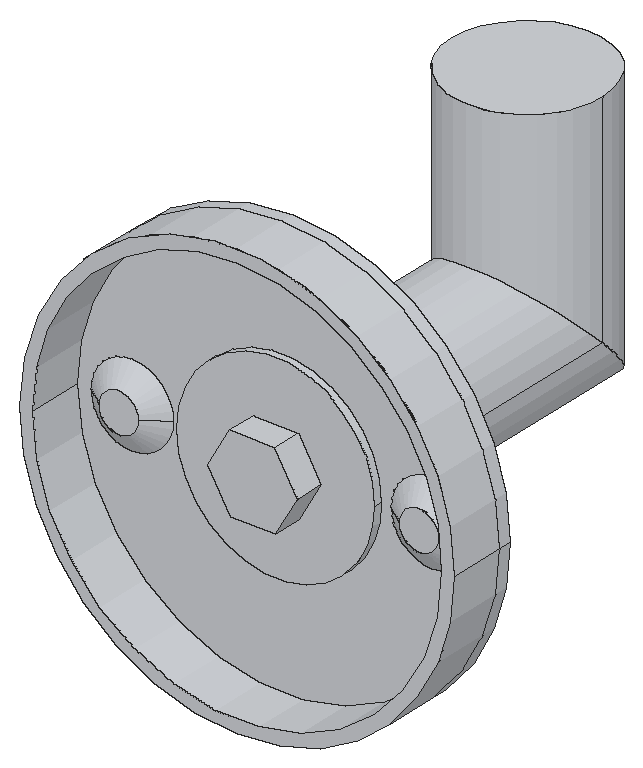
Revit family "AX7607_0008", category Appareils sanitaires, Revit 2016
Family settings
  Hôte = Mur
  Type d'élément = Normal
  Cote de connecteur circulaire = Utiliser le diamètre
  Numéro OmniClass = 23.75.00.00
  Titre OmniClass = Climate Control (HVAC)
  Toujours verticalement = Oui
  Couper avec des vides une fois chargée = Non
  Partagée = Non
  Point de calcul de pièce = Non
Parameters (values of type "Type 1")
  URL = "https://www.axeuro.com/fr/fixations-invisibles/25027-patere-ax7607-3700926000999.html"
  Type de produit / Type of product = "Patère / Hook"  # constant formula
  Référence / Reference = "AX7607, AX7607P"  # constant formula
  Model = ""
  Manufacturer = ""
  Entreprise / Company = "Axeuro"  # constant formula
  Description = ""
Reference planes
  plane 1 "Mur": y = 0
  plane 2 "Centre (gauche/droite)": x = 0
  plane 3 "Arrière": y = 75
Forms (mm)
  Extrusion 1, solid
    sketch origin (-686.833, 75, -35.995) x (1, 0, 0) y (0, 0, 1)
      loop
        circle (686.833, 1513.802) r 27.45
      loop
        circle (686.833, 1513.802) r 25.85
    from -8.681 to 0
  Sweep 2, solid
    path origin (0, -20, 0) x (0, 1, 0) y (0, 0, 1)
      loop
        line (103.681, 1477.806) -> (140.746, 1477.806) -> (140.746, 1505.629)
    profile origin (0, 102.213, 1477.806) x (0, 0, 1) y (1, 0, 0)
      loop
        circle (0, 0) r 9.5
  Extrusion 3, solid
    sketch origin (-25.85, 0, 0) x (1, 0, 0) y (0, 0, 1)
      loop
        circle (25.85, 1477.806) r 27.45
    from -83.681 to -82.06
  Extrusion 4, solid
    sketch origin (-1476.519, -0.971, 1349.479) x (0.125416, 0, -0.992104) y (0.992104, 0, 0.125416)
      loop
        line (58.577, 1486.585) -> (53.369, 1484.375) -> (52.68, 1478.759) -> (57.198, 1475.354) -> (62.407, 1477.564) -> (63.096, 1483.18) -> (58.577, 1486.585)
    from -82.06 to -78.382
  Extrusion 5, solid
    sketch origin (-42.148, 0, -1.245) x (1, 0, 0) y (0, 0, 1)
      loop
        circle (42.148, 1479.051) r 12.5
    from -82.06 to -81.089
  Blend 6, solid
    base sketch origin (-18.254, 0, 4.05) x (1, 0, 0) y (0, 0, 1)
      loop
        circle (37.195, 1473.756) r 5.2
    top sketch origin (-18.254, 0, 4.05) x (1, 0, 0) y (0, 0, 1)
      loop
        circle (37.195, 1473.756) r 2.48
    from -82.06 to -80.016
  Blend 7, solid
    base sketch origin (18.254, 0, 4.05) x (-1, 0, 0) y (0, 0, -1)
      loop
        circle (37.195, -1473.756) r 5.2
    top sketch origin (18.254, 0, 4.05) x (-1, 0, 0) y (0, 0, -1)
      loop
        circle (37.195, -1473.756) r 2.48
    from -82.06 to -80.016
Cuts and joins
  joined: Extrusion 1, Extrusion 3
Lines and regions (mm)
  reference lines
    curve 1: line (25, 82.06, 0) -> (19.174, 82.06, 0)
    curve 2: line (7.291, 82.06, 0) -> (7.291, 78.382, 0)
    curve 3: line (7.291, 78.382, 0) -> (6.215, 78.382, 0)
Text (mm)
  text "Côté de la mise en place" at (-1820.995, 1116.779, 0), in view "Niveau de réf."
  text "Côté de la mise en place" at (0, 1334.055, 2976.191), in view "Gauche"
  text "Côté de la mise en place" at (0, 439.194, 2944.362), in view "Droite"
Dimensions and locks
  locked: plane 3 "Arrière" to host wall
  aligned and locked: plane 1 "Mur" to host wall
